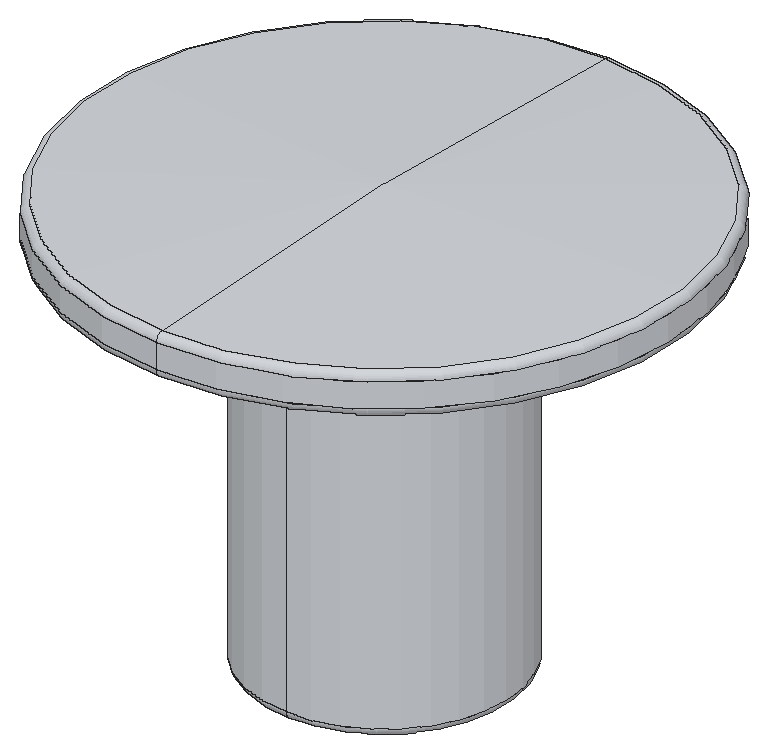
Revit family "Accessory-Cabinet_Knob-KOHLER-Components-K-78385", category Specialty Equipment, host Face, Revit 2015
Parameters (values of type "CP-Polished Chrome")
  Width = 1 1/2"  # constant formula
  URL = "https://www.us.kohler.com/us/"
  Type = 1
  Product Page URL = "http://www.us.kohler.com/us/catalog/productDetails.jsp?productNumber=78385"
  Product Name = "Components"  # constant formula
  Product Documentation Link = "http://www.us.kohler.com/onlinecatalog/pdf/K-78385_spec.pdf"
  Model = if(Type = 1, "K-78385-CP", if(Type = 2, "K-78385-BL", "NA"))  # "K-78385-CP"
  Material = "Premium Metal Construction"  # constant formula
  MasterFormat 2004 = "10.28.13"  # constant formula
  MasterFormat 1995 = "10820"  # constant formula
  Manufacturer Address = "444 Highland Dr, Kohler, WI 53044"  # constant formula
  Manufacturer = "KOHLER Co."  # constant formula
  Length = 1 1/2"  # constant formula
  Height = 1 1/8"  # constant formula
  Finish = Kohler-Metal-CP-Polished_Chrome
  Environmental Product Declaration = ""
  Description = "Cabinet Knob"  # constant formula
  Default Elevation = 42"
  Declare Label = ""
  Date Modified = "10/24/2018"  # constant formula
  Date Created = "10/24/2018"  # constant formula
  Copyright = "Copyright KOHLER Co."  # constant formula
  Contact Us = "https://www.us.kohler.com/us/static/contact.jsp"
  Assembly Code = "C1030200"
  ADA Compliant = 1 = 0  # no
Types (3): name | Type | Model | Finish
  (no name) | 1 | "K-78385-CP" | Kohler-Metal-CP-Polished_Chrome
  CP-Polished Chrome | 1 | "K-78385-CP" | Kohler-Metal-CP-Polished_Chrome
  BL-Matte Black | 2 | "K-78385-BL" | Kohler-Metal-BL-Matte_Black
Reference planes (in)
  plane 1 "Center (Front/Back)": y = 0
  plane 2: z = 0
  plane 3 "Center (Left/Right)": x = 0
  plane 4: y = 0.75
  plane 5: x = 0.75
  plane 6: x = -0.75
  plane 7: y = -0.75
  plane 8: z = 1.125
Dimensions and locks (in)
  "Length": plane 6 to plane 5
  "Height": plane 8 to level
  "Width": plane 4 to plane 7
  aligned and locked: plane 2 to host face
  aligned and locked: level to host face
Automatic sketch dimensions
  host sketch curve to host sketch curve = 96"  (x2)
Nested families (in)
  nested 1: "K-78385" at (0, 0, 0), type "K-78385"
Definition of nested family "K-78385"
  Parameters (values of type "K-78385")
    Material = none
  Reference planes (in)
    plane 1 "Center (Front/Back)": y = 0
    plane 2: z = 0
    plane 3 "Center (Left/Right)": x = 0
    plane 4: y = 0.75
    plane 5: y = -0.75
    plane 6: x = 0.75
    plane 7: x = -0.75
    plane 8: z = 1.125
  Forms (in)
    Revolve 1, solid, material <- "Material", detail levels medium+fine
      sketch origin (0, 0, 0) x (0, 1, 0) y (0, 0, 1)
        loop
          line (0, 0) -> (0.30293, 0)
          arc (0.30293, 0) -> (0.31682, 0.00576) -> (0.32258, 0.01965) r 0.01965
          line (0.32258, 0.01965) -> (0.32258, 0.80352)
          arc (0.32258, 0.80352) -> (0.34835, 0.87731) -> (0.41445, 0.91902) r 0.11853
          line (0.41445, 0.91902) -> (0.73224, 0.99238)
          arc (0.73224, 0.99238) -> (0.74502, 1.00045) -> (0.75, 1.01471) r 0.02292
          line (0.75, 1.01471) -> (0.75, 1.07843)
          arc (0.75, 1.07843) -> (0.74448, 1.09245) -> (0.73089, 1.09895) r 0.02058
          arc (0.73089, 1.09895) -> (0.36568, 1.11852) -> (0, 1.125) r 10.21322
          line (0, 1.125) -> (0, 0)
        axis (0, 1.125) -> (0, 0)
      angle from 0 to 360
    Revolve 2, void
      sketch origin (0, 0, 0) x (0, 1, 0) y (0, 0, 1)
        loop
          line (0, 0) -> (0.08858, 0) -> (0.0689, 0.02431) -> (0.0689, 0.70866) -> (0, 0.75006) -> (0, 0)
        axis (0, 0.75006) -> (0, 0)
      angle from 0 to 360
    Revolve 3, solid, material <- "Material", detail levels coarse
      sketch origin (0, 0, 0) x (0, 1, 0) y (0, 0, 1)
        loop
          line (0, 1.125) -> (0, 0) -> (0.32258, 0) -> (0.32258, 0.88347) -> (0.75, 0.88347) -> (0.75, 1.125) -> (0, 1.125)
        axis (0, 1.125) -> (0, 0)
      angle from 0 to 360
  Cuts and joins
    Revolve 2 cuts Revolve 1
  Lines and regions (in)
    Masking region 1
      outline origin (0, 0, 0) x (1, 0, 0) y (0, 1, 0)
        loop
          circle (0, 0) r 0.75
    Masking region 2
      outline origin (0, 0, 0) x (0, 1, 0) y (0, 0, 1)
        loop
          line (0, 0) -> (0.30293, 0)
          arc (0.30293, 0) -> (0.31682, 0.00576) -> (0.32258, 0.01965) r 0.01965
          line (0.32258, 0.01965) -> (0.32258, 0.80352)
          arc (0.32258, 0.80352) -> (0.34835, 0.87731) -> (0.41445, 0.91902) r 0.11853
          line (0.41445, 0.91902) -> (0.73224, 0.99238)
          arc (0.73224, 0.99238) -> (0.74502, 1.00045) -> (0.75, 1.01471) r 0.02292
          line (0.75, 1.01471) -> (0.75, 1.07939)
          arc (0.75, 1.07939) -> (0.74379, 1.0937) -> (0.72909, 1.09894) r 0.01959
          arc (0.72909, 1.09894) -> (0, 1.125) -> (-0.72909, 1.09894) r 10.21275
          arc (-0.72909, 1.09894) -> (-0.74379, 1.0937) -> (-0.75, 1.07939) r 0.01959
          line (-0.75, 1.07939) -> (-0.75, 1.01471)
          arc (-0.75, 1.01471) -> (-0.74502, 1.00045) -> (-0.73224, 0.99238) r 0.02292
          line (-0.73224, 0.99238) -> (-0.41445, 0.91902)
          arc (-0.41445, 0.91902) -> (-0.34835, 0.87731) -> (-0.32258, 0.80352) r 0.11853
          line (-0.32258, 0.80352) -> (-0.32258, 0.01965)
          arc (-0.32258, 0.01965) -> (-0.31682, 0.00576) -> (-0.30293, 0) r 0.01965
          line (-0.30293, 0) -> (0, 0)
    Masking region 3
      outline origin (0, 0, 0) x (1, 0, 0) y (0, 0, 1)
        loop
          line (-0.30293, 0) -> (0.30293, 0)
          arc (0.30293, 0) -> (0.31682, 0.00576) -> (0.32258, 0.01965) r 0.01965
          line (0.32258, 0.01965) -> (0.32258, 0.80352)
          arc (0.32258, 0.80352) -> (0.34835, 0.87731) -> (0.41445, 0.91902) r 0.11853
          line (0.41445, 0.91902) -> (0.73224, 0.99238)
          arc (0.73224, 0.99238) -> (0.74502, 1.00045) -> (0.75, 1.01471) r 0.02292
          line (0.75, 1.01471) -> (0.75, 1.07764)
          arc (0.75, 1.07764) -> (0.7443, 1.09214) -> (0.73025, 1.09886) r 0.02127
          arc (0.73025, 1.09886) -> (0, 1.125) -> (-0.73025, 1.09886) r 10.21322
          arc (-0.73025, 1.09886) -> (-0.7443, 1.09214) -> (-0.75, 1.07764) r 0.02127
          line (-0.75, 1.07764) -> (-0.75, 1.01471)
          arc (-0.75, 1.01471) -> (-0.74502, 1.00045) -> (-0.73224, 0.99238) r 0.02292
          line (-0.73224, 0.99238) -> (-0.41445, 0.91902)
          arc (-0.41445, 0.91902) -> (-0.34835, 0.87731) -> (-0.32258, 0.80352) r 0.11853
          line (-0.32258, 0.80352) -> (-0.32258, 0.01965)
          arc (-0.32258, 0.01965) -> (-0.31682, 0.00576) -> (-0.30293, 0) r 0.01965
    symbolic lines, detail levels medium+fine
      curve 1: line (-0.73224, 0, 0.99238) -> (0.73224, 0, 0.99238)
      curve 2: line (0, 0.73224, 0.99238) -> (0, -0.73224, 0.99238)
  Dimensions and locks (in)
    aligned and locked: level to plane 2
